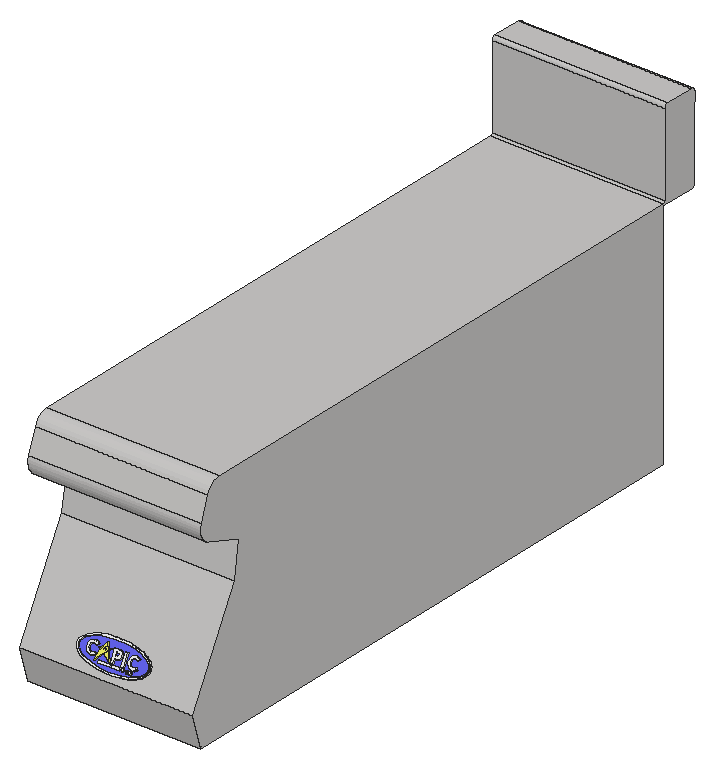
Revit family "QF_CAPIC_AVEN_W540602", category Equipement spécialisé, Revit 2018
Family settings
  Cote de connecteur circulaire = Utiliser le diamètre
  Type d'élément = Normal
  Numéro OmniClass = 23.40.40.14
  Titre OmniClass = Food Service Equipment
  Basée sur le plan de construction = Non
  Toujours verticalement = Oui
  Couper avec des vides une fois chargée = Non
  Partagée = Non
  Point de calcul de pièce = Non
Parameters (values of type "200 x 725 x 270 mm")
  URL catalogue = "http://www.capic-fr.com/fr/"
  Type de Raccord Plomberie [instance] = ""
  Type de Raccord Electrique [instance] = ""
  Type de Gaz = ""
  Type article [instance] = ""
  Tension = 0 V
  Spécification du Fabricant = ""
  Show Logo [instance] = yes
  Remarques evacuation [instance] = ""
  Remarques Plomberie [instance] = ""
  Remarques Electricité [instance] = ""
  Puissance électrique  = 0 W
  Puissance Gaz kW = 0
  Profondeur hors tout = 725 mm
  Pression Maximum Eau Adoucie = 0.0 Pa
  Poids net à vide = 15.00 kg
  Phase = 0
  Modèle = "W540602"
  Longueur hors tout = 200 mm
  Intensité nominale = 0 A
  Hauteur hors tout = 390 mm
  Hauteur de Raccordement du Sol Finis = 0 mm
  Hauteur de Raccordement Gaz du Sol Finis = 0 mm
  Hauteur de Raccordement Evacuation Directe du Sol Finis = 0 mm
  Hauteur de Raccordement Eau Froide du Sol Finis = 0 mm
  Hauteur de Raccordement Eau Chaude du Sol Finis = 0 mm
  Hauteur de Raccordement Eau Adoucie du Sol Finis = 0 mm
  Fréquence = 0 Hz
  Fabricant = "CAPIC"
  Débit d'air d'extraction = 0.0 m³/h
  Débit Gaz = 0.0 L/s
  Débit Eau Froide = 0.0 L/s
  Débit Eau Chaude = 0.0 L/s
  Débit Eau Adoucie = 0.0 L/s
  Diamètre de Raccordement Gaz = 0 mm
  Diamètre de Raccordement Evacuation = 0 mm
  Diamètre de Raccordement Eau Froide = 0 mm
  Diamètre de Raccordement Eau Chaude = 0 mm
  Diamètre de Raccordement Eau Adoucie = 0 mm
  Description = "Plan neutre"
  Assembly Code = ""
  Classification  Omniclass nombre et titre = "23.40.40.14"
Reference planes
  plane 1 "Centre (avant/arrière)": y = 0
  plane 2: z = 0
  plane 3 "Centre (gauche/droite)": x = 0
  plane 4: x = 200
Forms (mm)
  Extrusion 1, solid, material "QF_Stainless Steel-Brushed"
    sketch origin (0, -45.05, 638) x (0, 1, 0) y (0, 0, 1)
      loop
        line (1.05, 270.397) -> (-641.347, 270.397)
        arc (-641.347, 270.397) -> (-651.671, 267.142) -> (-658.261, 258.553) r 18
        line (-658.261, 258.553) -> (-667.837, 232.245)
        arc (-667.837, 232.245) -> (-667.236, 218.482) -> (-657.078, 209.174) r 18
        line (-657.078, 209.174) -> (-613.251, 193.222) -> (-619.754, 152.161) -> (-680.074, 38.717) -> (-668.972, 0) -> (0, 0) -> (0, 268.397) -> (42.05, 268.397) -> (44.05, 270.397) -> (44.05, 356.397) -> (45.05, 356.397) -> (45.05, 368.397)
        arc (45.05, 368.397) -> (43.878, 371.225) -> (41.05, 372.397) r 4
        line (41.05, 372.397) -> (7.05, 372.397)
        arc (7.05, 372.397) -> (4.222, 371.225) -> (3.05, 368.397) r 4
        line (3.05, 368.397) -> (3.05, 272.397)
        arc (3.05, 272.397) -> (2.464, 270.983) -> (1.05, 270.397) r 2
    from 0 to 200
Dimensions and locks
  "Longueur hors tout": plane 3 "Centre (gauche/droite)" to plane 4
  aligned and locked: level to plane 2
  aligned and locked: plane 4 to Extrusion 1
  aligned and locked: Extrusion 1 to plane 3 "Centre (gauche/droite)"
Automatic sketch dimensions
  level to Extrusion 1 sketch curve = 638 mm
  plane 1 "Centre (avant/arrière)" to Extrusion 1 sketch curve = 45.05 mm
  level to Extrusion 1 sketch curve = 831.222 mm
  plane 1 "Centre (avant/arrière)" to Extrusion 1 sketch curve = 658.301 mm
  level to Extrusion 1 sketch curve = 790.161 mm
  Extrusion 1 sketch curve to Extrusion 1 sketch curve = 6.503 mm
  Extrusion 1 sketch curve to Extrusion 1 sketch curve = 28.096 mm
  Extrusion 1 sketch curve to Extrusion 1 sketch curve = 9.575 mm
  level to Extrusion 1 sketch curve = 847.174 mm
  Extrusion 1 sketch curve to Extrusion 1 sketch curve = 6.156 mm  (x2)
  level to Extrusion 1 sketch curve = 896.553 mm
  Extrusion 1 sketch curve to Extrusion 1 sketch curve = 16.914 mm  (x2)
  level to Extrusion 1 sketch curve = 870.245 mm
  Extrusion 1 sketch curve to Extrusion 1 sketch curve = 49.218 mm
  level to Extrusion 1 sketch curve = 676.717 mm
  Extrusion 1 sketch curve to Extrusion 1 sketch curve = 11.102 mm
  plane 1 "Centre (avant/arrière)" to Extrusion 1 sketch curve = 44 mm
  plane 1 "Centre (avant/arrière)" to Extrusion 1 sketch curve = 42 mm
  Extrusion 1 sketch curve to Extrusion 1 sketch curve = 4 mm  (x2)
  Extrusion 1 sketch curve to Extrusion 1 sketch curve = 34 mm
  Extrusion 1 sketch curve to Extrusion 1 sketch curve = 39 mm
  Extrusion 1 sketch curve to Extrusion 1 sketch curve = 3 mm
  Extrusion 1 sketch curve to Extrusion 1 sketch curve = 1 mm
  Extrusion 1 sketch curve to Extrusion 1 sketch curve = 2 mm
  Extrusion 1 sketch curve to Extrusion 1 sketch curve = 86 mm
  Extrusion 1 sketch curve to Extrusion 1 sketch curve = 12 mm
Nested families
  nested 1: "QF_Details_LogoCapic" at (100, -713.73, 698.145) x (1, 0, 0) z (0, -0.8829, 0.4695), visible <- "Show Logo", type "QF_Details_LogoCapic"
Definition of nested family "QF_Details_LogoCapic"
  Parameters (values of type "QF_Details_LogoCapic")
    Default Elevation = 1219.2 mm
  Reference planes
    plane 1 "Centre (avant/arrière)": y = 0
    plane 2: z = 0
    plane 3 "Centre (gauche/droite)": x = 0
  Forms (mm)
    Extrusion 1, solid
      sketch origin (0, 0, 0) x (1, 0, 0) y (0, 1, 0)
        loop
          line (-1219.2, 1219.2) -> (-1219.2, -1219.2) -> (1219.2, -1219.2) -> (1219.2, 1219.2) -> (-1219.2, 1219.2)
      from 0 to -304.8
    Extrusion 2, solid
      sketch origin (0, 0, 0) x (1, 0, 0) y (0, 1, 0)
        loop
          spline (42.486, 0) -> (41.038, 4.53) -> (36.793, 8.751) -> (30.041, 12.376) -> (21.24, 15.157) -> (10.992, 16.906) -> (-0.005, 17.502) -> (-11.003, 16.906) -> (-21.251, 15.157) -> (-30.051, 12.376) -> (-36.804, 8.751) -> (-41.048, 4.53) -> (-42.496, 0)
          spline (-42.496, 0) -> (-41.048, -4.53) -> (-36.804, -8.751) -> (-30.051, -12.376) -> (-21.251, -15.157) -> (-11.003, -16.906) -> (-0.005, -17.502) -> (10.992, -16.906) -> (21.24, -15.157) -> (30.041, -12.376) -> (36.793, -8.751) -> (41.038, -4.53) -> (42.486, 0)
        loop
          spline (40.459, 0) -> (39.08, 4.005) -> (35.038, 7.737) -> (28.607, 10.942) -> (20.227, 13.401) -> (10.468, 14.947) -> (-0.005, 15.474) -> (-10.478, 14.947) -> (-20.237, 13.401) -> (-28.618, 10.942) -> (-35.048, 7.737) -> (-39.091, 4.005) -> (-40.47, 0)
          spline (-40.47, 0) -> (-39.091, -4.005) -> (-35.048, -7.737) -> (-28.618, -10.942) -> (-20.237, -13.401) -> (-10.478, -14.947) -> (-0.005, -15.474) -> (10.468, -14.947) -> (20.227, -13.401) -> (28.607, -10.942) -> (35.038, -7.737) -> (39.08, -4.005) -> (40.459, 0)
      from 0 to 1
    Extrusion 3, solid
      sketch origin (0, 0, 0) x (1, 0, 0) y (0, 1, 0)
        loop
          spline (-40.47, 0) -> (-39.085, -4.012) -> (-35.047, -7.734) -> (-28.617, -10.941) -> (-20.237, -13.401) -> (-10.478, -14.946) -> (-0.005, -15.474) -> (10.468, -14.947) -> (20.227, -13.401) -> (28.606, -10.942) -> (35.038, -7.737) -> (39.081, -4.004) -> (40.459, 0)
          spline (40.459, 0) -> (39.075, 4.012) -> (35.037, 7.734) -> (28.607, 10.941) -> (20.227, 13.401) -> (10.467, 14.946) -> (-0.005, 15.474) -> (-10.478, 14.947) -> (-20.237, 13.401) -> (-28.617, 10.942) -> (-35.048, 7.737) -> (-39.091, 4.004) -> (-40.47, 0)
      from 0 to 1
    Extrusion 4, solid
      sketch origin (0, 0, 0.5) x (1, 0, 0) y (0, 1, 0)
        loop
          line (-20.944, 3.897) -> (-18.992, 5.849)
          arc (-18.992, 5.849) -> (-30.967, 0.712) -> (-18.902, -4.211) r 7.063
          line (-18.902, -4.211) -> (-20.854, -2.259)
          arc (-20.854, -2.259) -> (-28.207, 0.712) -> (-20.944, 3.897) r 4.303
      from 0 to 1
    Extrusion 5, solid
      sketch origin (0, 0, 0.5) x (1, 0, 0) y (0, 1, 0)
        loop
          line (-1.061, 7.837) -> (-1.061, -6.288) -> (1.738, -6.288) -> (1.738, -2.065) -> (4.782, -2.065)
          spline (4.782, -2.065) -> (5.836, -1.896) -> (6.819, -1.402) -> (7.663, -0.615) -> (8.311, 0.411) -> (8.718, 1.605) -> (8.856, 2.886) -> (8.718, 4.168) -> (8.311, 5.362) -> (7.663, 6.387) -> (6.819, 7.174) -> (5.836, 7.669) -> (4.782, 7.837)
          line (4.782, 7.837) -> (-1.061, 7.837)
        loop
          line (1.738, 5.077) -> (1.738, 0.775) -> (4.418, 0.775)
          spline (4.418, 0.775) -> (4.819, 0.848) -> (5.193, 1.063) -> (5.514, 1.405) -> (5.761, 1.85) -> (5.916, 2.369) -> (5.969, 2.926) -> (5.916, 3.483) -> (5.761, 4.002) -> (5.514, 4.447) -> (5.193, 4.789) -> (4.819, 5.004) -> (4.418, 5.077)
          line (4.418, 5.077) -> (1.738, 5.077)
      from 0 to 1
    Extrusion 6, solid
      sketch origin (0, 0, 0.5) x (1, 0, 0) y (0, 1, 0)
        loop
          line (11.122, 7.837) -> (11.122, -6.288) -> (14.009, -6.288) -> (14.009, 7.837) -> (11.122, 7.837)
      from 0 to 1
    Extrusion 7, solid
      sketch origin (47.835, 0, 0.5) x (1, 0, 0) y (0, 1, 0)
        loop
          line (-20.944, 3.897) -> (-18.992, 5.849)
          arc (-18.992, 5.849) -> (-30.967, 0.712) -> (-18.902, -4.211) r 7.063
          line (-18.902, -4.211) -> (-20.854, -2.259)
          arc (-20.854, -2.259) -> (-28.207, 0.712) -> (-20.944, 3.897) r 4.303
      from 0 to 1
    Extrusion 8, solid
      sketch origin (0, 0, 0.5) x (1, 0, 0) y (0, 1, 0)
        loop
          line (-14.086, -8.467) -> (-14.086, -10.703) -> (-0.382, -10.703) -> (-0.382, -8.467) -> (-14.086, -8.467)
        loop
          line (1.692, -7.694) -> (1.692, -10.703) -> (10.598, -10.703) -> (10.598, -7.694) -> (1.692, -7.694)
        loop
          circle (14.095, -9.117) r 1.311
        loop
          circle (18.365, -9.117) r 1.311
        loop
          circle (22.635, -9.117) r 1.311
      from 0 to 1
    Extrusion 9, solid
      sketch origin (0, 0, 0.5) x (1, 0, 0) y (0, 1, 0)
        loop
          arc (-10.078, 10.027) -> (-16.152, 0.742) -> (-18.987, -9.985) r 34.734
          arc (-18.987, -9.985) -> (-13.545, -2.96) -> (-7.054, 3.109) r 55.667
          line (-7.054, 3.109) -> (-10.078, 10.027)
        loop
          line (-10.891, 5.813) -> (-12.476, 3.068) -> (-9.306, 3.068) -> (-10.891, 5.813)
      from 0 to 1
    Extrusion 10, solid
      sketch origin (0, 0, 0.5) x (1, 0, 0) y (0, 1, 0)
        loop
          line (-17.978, 3.413) -> (-16.228, 2.092) -> (-14.209, 5.589) -> (-17.978, 3.413)
        loop
          line (-7.246, 5.196) -> (-6.474, 3.433) -> (-3.608, 5.838) -> (-7.246, 5.196)
        loop
          line (-10.905, -1.415) -> (-2.534, -6.652) -> (-6.862, 2.629) -> (-10.905, -1.415)
      from 0 to 1
  Dimensions and locks
    aligned and locked: plane 2 to Extrusion 1
    aligned and locked: level to Extrusion 1
